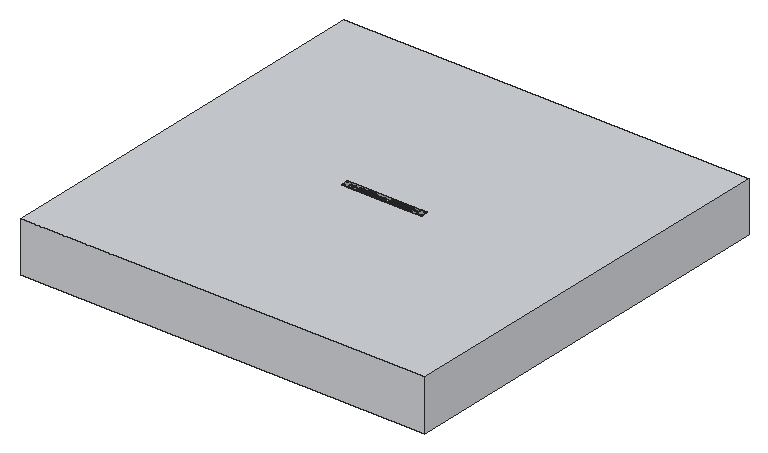
Revit family "Контроллер AGRG R4 RACK_на грани", category Электрооборудование, Revit 2019 (continued)
Definition of nested family "AGRG R4 RACK_на грани"
  Automatic sketch dimensions
    Extrusion 23 sketch curve to plane 1 "По центру (Вперед/Назад)" = 1.964 mm
    plane 6 to Extrusion 23 sketch curve = 69.61 mm
    plane 1 "По центру (Вперед/Назад)" to Extrusion 23 sketch curve = 0.437 mm
    Extrusion 23 sketch curve to Extrusion 23 sketch curve = 2.3 mm
    Extrusion 23 sketch curve to Extrusion 23 sketch curve = 1.751 mm  (x2)
    Extrusion 23 sketch curve to Extrusion 23 sketch curve = 2.224 mm  (x2)
    Extrusion 23 sketch curve to Extrusion 23 sketch curve = 5.95 mm
    Extrusion 23 sketch curve to Extrusion 23 sketch curve = 1.974 mm  (x2)
    Extrusion 23 sketch curve to Extrusion 23 sketch curve = 4.051 mm
    Extrusion 23 sketch curve to Extrusion 23 sketch curve = 6.994 mm  (x2)
    Extrusion 23 sketch curve to Extrusion 23 sketch curve = 1.938 mm  (x2)
    Extrusion 23 sketch curve to Extrusion 23 sketch curve = 1.303 mm
    Extrusion 23 sketch curve to Extrusion 23 sketch curve = 2.167 mm
    Extrusion 24 sketch curve to plane 1 "По центру (Вперед/Назад)" = 1.964 mm
    plane 6 to Extrusion 24 sketch curve = 53.11 mm
    plane 1 "По центру (Вперед/Назад)" to Extrusion 24 sketch curve = 0.437 mm
    Extrusion 24 sketch curve to Extrusion 24 sketch curve = 2.3 mm
    Extrusion 24 sketch curve to Extrusion 24 sketch curve = 1.751 mm  (x2)
    Extrusion 24 sketch curve to Extrusion 24 sketch curve = 2.224 mm  (x2)
    Extrusion 24 sketch curve to Extrusion 24 sketch curve = 5.95 mm
    Extrusion 24 sketch curve to Extrusion 24 sketch curve = 1.974 mm  (x2)
    Extrusion 24 sketch curve to Extrusion 24 sketch curve = 4.051 mm
    Extrusion 24 sketch curve to Extrusion 24 sketch curve = 6.994 mm  (x2)
    Extrusion 24 sketch curve to Extrusion 24 sketch curve = 1.938 mm  (x2)
    Extrusion 24 sketch curve to Extrusion 24 sketch curve = 1.303 mm
    Extrusion 24 sketch curve to Extrusion 24 sketch curve = 2.167 mm
    plane 1 "По центру (Вперед/Назад)" to Extrusion 25 sketch curve = 7.431 mm
    Extrusion 25 sketch curve to plane 3 "По центру (Влево/Вправо)" = 21.66 mm
    Extrusion 25 sketch curve to Extrusion 25 sketch curve = 1.751 mm  (x2)
    Extrusion 25 sketch curve to Extrusion 25 sketch curve = 2.224 mm  (x2)
    Extrusion 25 sketch curve to Extrusion 25 sketch curve = 1.974 mm  (x2)
    plane 1 "По центру (Вперед/Назад)" to Extrusion 25 sketch curve = 0.437 mm
    Extrusion 25 sketch curve to Extrusion 25 sketch curve = 5.95 mm
    Extrusion 25 sketch curve to Extrusion 25 sketch curve = 6.994 mm
    Extrusion 25 sketch curve to Extrusion 25 sketch curve = 1.938 mm  (x2)
    Extrusion 25 sketch curve to Extrusion 25 sketch curve = 1.303 mm
    plane 1 "По центру (Вперед/Назад)" to Extrusion 26 sketch curve = 7.431 mm
    plane 6 to Extrusion 26 sketch curve = 100.31 mm
    Extrusion 26 sketch curve to Extrusion 26 sketch curve = 1.751 mm  (x2)
    Extrusion 26 sketch curve to Extrusion 26 sketch curve = 2.224 mm  (x2)
    Extrusion 26 sketch curve to Extrusion 26 sketch curve = 1.974 mm  (x2)
    plane 1 "По центру (Вперед/Назад)" to Extrusion 26 sketch curve = 0.437 mm
    Extrusion 26 sketch curve to Extrusion 26 sketch curve = 5.95 mm
    Extrusion 26 sketch curve to Extrusion 26 sketch curve = 6.994 mm
    Extrusion 26 sketch curve to Extrusion 26 sketch curve = 1.938 mm  (x2)
    Extrusion 26 sketch curve to Extrusion 26 sketch curve = 1.303 mm
    plane 1 "По центру (Вперед/Назад)" to Extrusion 27 sketch curve = 7.431 mm
    plane 6 to Extrusion 27 sketch curve = 83.81 mm
    Extrusion 27 sketch curve to Extrusion 27 sketch curve = 1.751 mm  (x2)
    Extrusion 27 sketch curve to Extrusion 27 sketch curve = 2.224 mm  (x2)
    Extrusion 27 sketch curve to Extrusion 27 sketch curve = 1.974 mm  (x2)
    plane 1 "По центру (Вперед/Назад)" to Extrusion 27 sketch curve = 0.437 mm
    Extrusion 27 sketch curve to Extrusion 27 sketch curve = 5.95 mm
    Extrusion 27 sketch curve to Extrusion 27 sketch curve = 6.994 mm
    Extrusion 27 sketch curve to Extrusion 27 sketch curve = 1.938 mm  (x2)
    Extrusion 27 sketch curve to Extrusion 27 sketch curve = 1.303 mm
    plane 1 "По центру (Вперед/Назад)" to Extrusion 28 sketch curve = 7.431 mm
    plane 6 to Extrusion 28 sketch curve = 67.31 mm
    Extrusion 28 sketch curve to Extrusion 28 sketch curve = 1.751 mm  (x2)
    Extrusion 28 sketch curve to Extrusion 28 sketch curve = 2.224 mm  (x2)
    Extrusion 28 sketch curve to Extrusion 28 sketch curve = 1.974 mm  (x2)
    plane 1 "По центру (Вперед/Назад)" to Extrusion 28 sketch curve = 0.437 mm
    Extrusion 28 sketch curve to Extrusion 28 sketch curve = 5.95 mm
    Extrusion 28 sketch curve to Extrusion 28 sketch curve = 6.994 mm
    Extrusion 28 sketch curve to Extrusion 28 sketch curve = 1.938 mm  (x2)
    Extrusion 28 sketch curve to Extrusion 28 sketch curve = 1.303 mm
    plane 1 "По центру (Вперед/Назад)" to Extrusion 29 sketch curve = 7.431 mm
    plane 6 to Extrusion 29 sketch curve = 50.81 mm
    Extrusion 29 sketch curve to Extrusion 29 sketch curve = 1.751 mm  (x2)
    Extrusion 29 sketch curve to Extrusion 29 sketch curve = 2.224 mm  (x2)
    Extrusion 29 sketch curve to Extrusion 29 sketch curve = 1.974 mm  (x2)
    plane 1 "По центру (Вперед/Назад)" to Extrusion 29 sketch curve = 0.437 mm
    Extrusion 29 sketch curve to Extrusion 29 sketch curve = 5.95 mm
    Extrusion 29 sketch curve to Extrusion 29 sketch curve = 6.994 mm
    Extrusion 29 sketch curve to Extrusion 29 sketch curve = 1.938 mm  (x2)
    Extrusion 29 sketch curve to Extrusion 29 sketch curve = 1.303 mm
    plane 1 "По центру (Вперед/Назад)" to Extrusion 30 sketch curve = 7.017 mm
    plane 6 to Extrusion 30 sketch curve = 30.716 mm
    level to Revolve 31 sketch curve = 1 mm
    plane 1 "По центру (Вперед/Назад)" to Revolve 31 sketch curve = 7.017 mm
    Revolve 31 sketch curve to Revolve 31 sketch curve = 2.045 mm
    Revolve 31 sketch curve to Revolve 31 sketch curve = 0.992 mm
    Revolve 31 sketch curve to Revolve 31 sketch curve = 0 mm  (x2)
    Revolve 31 sketch curve to Revolve 31 sketch curve = 2.629 mm
    level to Revolve 32 sketch curve = 1 mm
    plane 1 "По центру (Вперед/Назад)" to Revolve 32 sketch curve = 7.017 mm
    Revolve 32 sketch curve to Revolve 32 sketch curve = 2.045 mm
    Revolve 32 sketch curve to Revolve 32 sketch curve = 0.992 mm
    Revolve 32 sketch curve to Revolve 32 sketch curve = 0 mm  (x2)
    Revolve 32 sketch curve to Revolve 32 sketch curve = 2.629 mm
    level to Revolve 33 sketch curve = 1 mm
    plane 1 "По центру (Вперед/Назад)" to Revolve 33 sketch curve = 7.017 mm
    Revolve 33 sketch curve to Revolve 33 sketch curve = 2.045 mm
    Revolve 33 sketch curve to Revolve 33 sketch curve = 0.992 mm
    Revolve 33 sketch curve to Revolve 33 sketch curve = 0 mm  (x2)
    Revolve 33 sketch curve to Revolve 33 sketch curve = 2.629 mm
    plane 1 "По центру (Вперед/Назад)" to Extrusion 36 sketch curve = 10.636 mm
    Extrusion 36 sketch curve to plane 3 "По центру (Влево/Вправо)" = 54.398 mm
    Extrusion 36 sketch curve to Extrusion 36 sketch curve = 25 mm
    plane 1 "По центру (Вперед/Назад)" to Extrusion 36 sketch curve = 1.5 mm
    plane 1 "По центру (Вперед/Назад)" to Extrusion 37 sketch curve = 10.636 mm
    Extrusion 37 sketch curve to plane 3 "По центру (Влево/Вправо)" = 54.398 mm
    Extrusion 37 sketch curve to Extrusion 37 sketch curve = 1.629 mm
    Extrusion 37 sketch curve to Extrusion 37 sketch curve = 0 mm  (x22)
    Extrusion 37 sketch curve to Extrusion 37 sketch curve = 0.786 mm  (x9)
    Extrusion 37 sketch curve to Extrusion 37 sketch curve = 1.181 mm  (x9)
    Extrusion 37 sketch curve to Extrusion 37 sketch curve = 0.396 mm  (x6)
    Extrusion 37 sketch curve to Extrusion 37 sketch curve = 0.792 mm  (x6)
    Extrusion 37 sketch curve to Extrusion 37 sketch curve = 1.514 mm  (x9)
    Extrusion 37 sketch curve to Extrusion 37 sketch curve = 1.624 mm
    Extrusion 37 sketch curve to Extrusion 37 sketch curve = 1.288 mm  (x2)
    Extrusion 37 sketch curve to Extrusion 37 sketch curve = 4.412 mm  (x2)
    Extrusion 37 sketch curve to Extrusion 37 sketch curve = 0.781 mm  (x12)
    Extrusion 37 sketch curve to Extrusion 37 sketch curve = 0.975 mm  (x6)
    plane 1 "По центру (Вперед/Назад)" to Extrusion 37 sketch curve = 1.5 mm
    plane 1 "По центру (Вперед/Назад)" to Extrusion 38 sketch curve = 4.936 mm  (x3)
    Extrusion 38 sketch curve to plane 3 "По центру (Влево/Вправо)" = 52.769 mm
    Extrusion 38 sketch curve to Extrusion 38 sketch curve = 0 mm  (x20)
    Extrusion 38 sketch curve to Extrusion 38 sketch curve = 0.786 mm  (x9)
    Extrusion 38 sketch curve to Extrusion 38 sketch curve = 1.181 mm  (x10)
    Extrusion 38 sketch curve to Extrusion 38 sketch curve = 0.396 mm  (x6)
    Extrusion 38 sketch curve to Extrusion 38 sketch curve = 0.792 mm  (x6)
    Extrusion 38 sketch curve to Extrusion 38 sketch curve = 1.514 mm  (x9)
    Extrusion 38 sketch curve to Extrusion 38 sketch curve = 4.412 mm  (x2)
    Extrusion 38 sketch curve to Extrusion 38 sketch curve = 0.781 mm  (x12)
    Extrusion 38 sketch curve to Extrusion 38 sketch curve = 0.975 mm  (x6)
    Extrusion 39 sketch curve to plane 1 "По центру (Вперед/Назад)" = 1.964 mm
    plane 3 "По центру (Влево/Вправо)" to Extrusion 39 sketch curve = 85.89 mm
    plane 1 "По центру (Вперед/Назад)" to Extrusion 39 sketch curve = 0.437 mm
    Extrusion 39 sketch curve to Extrusion 39 sketch curve = 2.3 mm
    Extrusion 39 sketch curve to Extrusion 39 sketch curve = 1.751 mm  (x2)
    Extrusion 39 sketch curve to Extrusion 39 sketch curve = 2.224 mm  (x2)
    Extrusion 39 sketch curve to Extrusion 39 sketch curve = 5.95 mm
    Extrusion 39 sketch curve to Extrusion 39 sketch curve = 1.974 mm  (x2)
    Extrusion 39 sketch curve to Extrusion 39 sketch curve = 4.051 mm
    Extrusion 39 sketch curve to Extrusion 39 sketch curve = 6.994 mm  (x2)
    Extrusion 39 sketch curve to Extrusion 39 sketch curve = 1.938 mm  (x2)
    Extrusion 39 sketch curve to Extrusion 39 sketch curve = 1.303 mm
    Extrusion 39 sketch curve to Extrusion 39 sketch curve = 2.167 mm
    plane 1 "По центру (Вперед/Назад)" to Extrusion 40 sketch curve = 7.431 mm
    plane 3 "По центру (Влево/Вправо)" to Extrusion 40 sketch curve = 88.19 mm
    Extrusion 40 sketch curve to Extrusion 40 sketch curve = 1.751 mm  (x2)
    Extrusion 40 sketch curve to Extrusion 40 sketch curve = 2.224 mm  (x2)
    Extrusion 40 sketch curve to Extrusion 40 sketch curve = 1.974 mm  (x2)
    plane 1 "По центру (Вперед/Назад)" to Extrusion 40 sketch curve = 0.437 mm
    Extrusion 40 sketch curve to Extrusion 40 sketch curve = 5.95 mm
    Extrusion 40 sketch curve to Extrusion 40 sketch curve = 6.994 mm
    Extrusion 40 sketch curve to Extrusion 40 sketch curve = 1.938 mm  (x2)
    Extrusion 40 sketch curve to Extrusion 40 sketch curve = 1.303 mm
    Extrusion 41 sketch curve to plane 1 "По центру (Вперед/Назад)" = 1.964 mm
    plane 3 "По центру (Влево/Вправо)" to Extrusion 41 sketch curve = 69.39 mm
    plane 1 "По центру (Вперед/Назад)" to Extrusion 41 sketch curve = 0.437 mm
    Extrusion 41 sketch curve to Extrusion 41 sketch curve = 2.3 mm
    Extrusion 41 sketch curve to Extrusion 41 sketch curve = 1.751 mm  (x2)
    Extrusion 41 sketch curve to Extrusion 41 sketch curve = 2.224 mm  (x2)
    Extrusion 41 sketch curve to Extrusion 41 sketch curve = 5.95 mm
    Extrusion 41 sketch curve to Extrusion 41 sketch curve = 1.974 mm  (x2)
    Extrusion 41 sketch curve to Extrusion 41 sketch curve = 4.051 mm
    Extrusion 41 sketch curve to Extrusion 41 sketch curve = 6.994 mm  (x2)
    Extrusion 41 sketch curve to Extrusion 41 sketch curve = 1.938 mm  (x2)
    Extrusion 41 sketch curve to Extrusion 41 sketch curve = 1.303 mm
    Extrusion 41 sketch curve to Extrusion 41 sketch curve = 2.167 mm
    plane 1 "По центру (Вперед/Назад)" to Extrusion 42 sketch curve = 7.431 mm
    plane 3 "По центру (Влево/Вправо)" to Extrusion 42 sketch curve = 71.69 mm
    Extrusion 42 sketch curve to Extrusion 42 sketch curve = 1.751 mm  (x2)
    Extrusion 42 sketch curve to Extrusion 42 sketch curve = 2.224 mm  (x2)
    Extrusion 42 sketch curve to Extrusion 42 sketch curve = 1.974 mm  (x2)
    plane 1 "По центру (Вперед/Назад)" to Extrusion 42 sketch curve = 0.437 mm
    Extrusion 42 sketch curve to Extrusion 42 sketch curve = 5.95 mm
    Extrusion 42 sketch curve to Extrusion 42 sketch curve = 6.994 mm
    Extrusion 42 sketch curve to Extrusion 42 sketch curve = 1.938 mm  (x2)
    Extrusion 42 sketch curve to Extrusion 42 sketch curve = 1.303 mm
    Extrusion 43 sketch curve to plane 1 "По центру (Вперед/Назад)" = 1.964 mm
    plane 3 "По центру (Влево/Вправо)" to Extrusion 43 sketch curve = 52.89 mm
    plane 1 "По центру (Вперед/Назад)" to Extrusion 43 sketch curve = 0.437 mm
    Extrusion 43 sketch curve to Extrusion 43 sketch curve = 2.3 mm
    Extrusion 43 sketch curve to Extrusion 43 sketch curve = 1.751 mm  (x2)
    Extrusion 43 sketch curve to Extrusion 43 sketch curve = 2.224 mm  (x2)
    Extrusion 43 sketch curve to Extrusion 43 sketch curve = 5.95 mm
    Extrusion 43 sketch curve to Extrusion 43 sketch curve = 1.974 mm  (x2)
    Extrusion 43 sketch curve to Extrusion 43 sketch curve = 4.051 mm
    Extrusion 43 sketch curve to Extrusion 43 sketch curve = 6.994 mm  (x2)
    Extrusion 43 sketch curve to Extrusion 43 sketch curve = 1.938 mm  (x2)
    Extrusion 43 sketch curve to Extrusion 43 sketch curve = 1.303 mm
    Extrusion 43 sketch curve to Extrusion 43 sketch curve = 2.167 mm
    plane 1 "По центру (Вперед/Назад)" to Extrusion 44 sketch curve = 7.431 mm
    plane 3 "По центру (Влево/Вправо)" to Extrusion 44 sketch curve = 55.19 mm
    Extrusion 44 sketch curve to Extrusion 44 sketch curve = 1.751 mm  (x2)
    Extrusion 44 sketch curve to Extrusion 44 sketch curve = 2.224 mm  (x2)
    Extrusion 44 sketch curve to Extrusion 44 sketch curve = 1.974 mm  (x2)
    plane 1 "По центру (Вперед/Назад)" to Extrusion 44 sketch curve = 0.437 mm
    Extrusion 44 sketch curve to Extrusion 44 sketch curve = 5.95 mm
    Extrusion 44 sketch curve to Extrusion 44 sketch curve = 6.994 mm
    Extrusion 44 sketch curve to Extrusion 44 sketch curve = 1.938 mm  (x2)
    Extrusion 44 sketch curve to Extrusion 44 sketch curve = 1.303 mm
    Extrusion 45 sketch curve to plane 1 "По центру (Вперед/Назад)" = 1.964 mm
    plane 3 "По центру (Влево/Вправо)" to Extrusion 45 sketch curve = 36.39 mm
    plane 1 "По центру (Вперед/Назад)" to Extrusion 45 sketch curve = 0.437 mm
    Extrusion 45 sketch curve to Extrusion 45 sketch curve = 2.3 mm
    Extrusion 45 sketch curve to Extrusion 45 sketch curve = 1.751 mm  (x2)
    Extrusion 45 sketch curve to Extrusion 45 sketch curve = 2.224 mm  (x2)
    Extrusion 45 sketch curve to Extrusion 45 sketch curve = 5.95 mm
    Extrusion 45 sketch curve to Extrusion 45 sketch curve = 1.974 mm  (x2)
    Extrusion 45 sketch curve to Extrusion 45 sketch curve = 4.051 mm
    Extrusion 45 sketch curve to Extrusion 45 sketch curve = 6.994 mm  (x2)
    Extrusion 45 sketch curve to Extrusion 45 sketch curve = 1.938 mm  (x2)
    Extrusion 45 sketch curve to Extrusion 45 sketch curve = 1.303 mm
    Extrusion 45 sketch curve to Extrusion 45 sketch curve = 2.167 mm
    plane 1 "По центру (Вперед/Назад)" to Extrusion 46 sketch curve = 7.431 mm
    plane 3 "По центру (Влево/Вправо)" to Extrusion 46 sketch curve = 38.69 mm
    Extrusion 46 sketch curve to Extrusion 46 sketch curve = 1.751 mm  (x2)
    Extrusion 46 sketch curve to Extrusion 46 sketch curve = 2.224 mm  (x2)
    Extrusion 46 sketch curve to Extrusion 46 sketch curve = 1.974 mm  (x2)
    plane 1 "По центру (Вперед/Назад)" to Extrusion 46 sketch curve = 0.437 mm
    Extrusion 46 sketch curve to Extrusion 46 sketch curve = 5.95 mm
    Extrusion 46 sketch curve to Extrusion 46 sketch curve = 6.994 mm
    Extrusion 46 sketch curve to Extrusion 46 sketch curve = 1.938 mm  (x2)
    Extrusion 46 sketch curve to Extrusion 46 sketch curve = 1.303 mm
    Extrusion 35 sketch curve to plane 1 "По центру (Вперед/Назад)" = 7.924 mm  (x4)
    plane 3 "По центру (Влево/Вправо)" to Extrusion 35 sketch curve = 36.39 mm
    Extrusion 35 sketch curve to Extrusion 35 sketch curve = 15.383 mm  (x8)
    Extrusion 35 sketch curve to Extrusion 35 sketch curve = 1.277 mm  (x7)
    Extrusion 35 sketch curve to plane 5 = 4.503 mm  (x5)
    Extrusion 35 sketch curve to Extrusion 35 sketch curve = 0 mm  (x7)
    Extrusion 34 sketch curve to plane 1 "По центру (Вперед/Назад)" = 7.924 mm  (x4)
    plane 3 "По центру (Влево/Вправо)" to Extrusion 34 sketch curve = 36.39 mm
    Extrusion 34 sketch curve to Extrusion 34 sketch curve = 15.383 mm  (x8)
    Extrusion 34 sketch curve to Extrusion 34 sketch curve = 1.277 mm  (x7)
    Extrusion 34 sketch curve to plane 5 = 4.503 mm  (x5)
    Extrusion 34 sketch curve to Extrusion 34 sketch curve = 0 mm  (x7)
    radius of Extrusion 30 sketch curve = 2.045 mm
